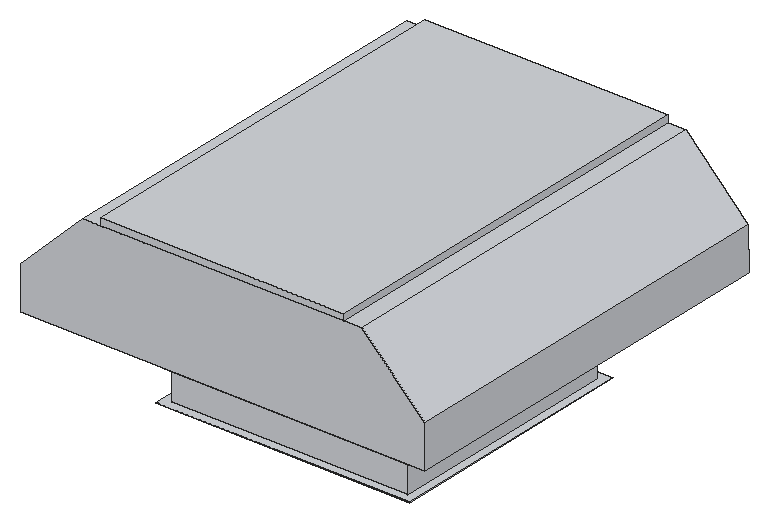
Revit family "HES", category Mechanical Equipment, Revit 2019
Family settings
  Round Connector Dimension = Use Diameter
  Part Type = Normal
  Work Plane-Based = No
  Always vertical = Yes
  Cut with Voids When Loaded = No
  Shared = No
  Room Calculation Point = No
Parameters (values of type "42-HES")
  Unit Weight [instance] = ""
  Sones [instance] = ""
  RO/2 = RO / 2  # 24.750"
  Motor RPM [instance] = ""
  Motor Enclosure [instance] = ""
  ModelID [instance] = ""
  LwA [instance] = ""
  W/2 = W / 2  # 45.000"
  L/2 = L / 2  # 45.000"
  RO = T_SQ - 4.500"  # 49.500"
  T_SQ/2 = T_SQ / 2  # 27.000"
  Fan RPM [instance] = ""
  T_SQ = 54.000"
  W = 90.000"
  L = 90.000"
  CURB_HEIGHT [instance] = 9.500"
  CURB [instance] = yes
  C/2 = C / 2  # 5.000"
  C = 10.000"
  Brake Hp [instance] = ""
  B/2 = B / 2  # 1.500"
  B-.125" = B - 0.125"  # 2.875"
  Accessories [instance] = ""
  A-C = A - C  # 28.000"
  B = 3.000"
  A/2 = A / 2  # 19.000"
  A-1.5" = A - 1.500"  # 36.500"
  A = 38.000"
  4" = 4.000"  # constant formula
  2' = 24.000"
  2" = 2.000"  # constant formula
  1" = 1.000"  # constant formula
  0 = 0.000"  # constant formula
  Voltage [instance] = 0 V
  URL = "www.lorencook.com"
  Type Comments = "Hooded Supply Ventilator Extruded Aluminum Propeller Roof Mounted/Belt Drive"  # constant formula
  Static Pressure [instance] = 0.00 in-wg
  Power [instance] = Voltage * Motor FLA * sqrt(if(Phase = 3, 3, 1))  # 0 VA
  Phase [instance] = 0
  Number of Poles [instance] = 1
  Motor Hp [instance] = "0"
  Motor FLA [instance] = 0 A
  Model = "HES"  # constant formula
  Manufacturer = "Loren Cook Company"
  CFM [instance] = 0 CFM
  1.5 = 1.500"  # constant formula
  ONE EIGTH = 0.125"  # constant formula
  -L/2 = -L / 2  # -45.000"
  -(C/2) = -(C / 2)  # -5.000"
  -(A/2) = -(A / 2)  # -19.000"
  (T_SQ/2)-2" = (T_SQ / 2) - 2.000"  # 25.000"
  (T_SQ/2)+.125" = (T_SQ / 2) + 0.125"  # 27.125"
  (A-C)/2 = (A - C) / 2  # 14.000"
Types (9): name | RO/2 | W/2 | L/2 | RO | T_SQ/2 | T_SQ | W | L | C/2 | C | A-C | A/2 | A-1.5" | A | -L/2 | -(C/2) | -(A/2) | (T_SQ/2)-2" | (T_SQ/2)+.125" | (A-C)/2
  (no name) | 24.750" | 45.000" | 45.000" | 49.500" | 27.000" | 54.000" | 90.000" | 90.000" | 5.000" | 10.000" | 28.000" | 19.000" | 36.500" | 38.000" | -45.000" | -5.000" | -19.000" | 25.000" | 27.125" | 14.000"
  24-HES | 15.750" | 29.500" | 29.500" | 31.500" | 18.000" | 36.000" | 59.000" | 59.000" | 5.000" | 10.000" | 18.750" | 14.375" | 27.250" | 28.750" | -29.500" | -5.000" | -14.375" | 16.000" | 18.125" | 9.375"
  30-HES | 18.750" | 34.500" | 34.500" | 37.500" | 21.000" | 42.000" | 69.000" | 69.000" | 5.000" | 10.000" | 20.500" | 15.250" | 29.000" | 30.500" | -34.500" | -5.000" | -15.250" | 19.000" | 21.125" | 10.250"
  36-HES | 21.750" | 40.000" | 40.000" | 43.500" | 24.000" | 48.000" | 80.000" | 80.000" | 5.000" | 10.000" | 23.000" | 16.500" | 31.500" | 33.000" | -40.000" | -5.000" | -16.500" | 22.000" | 24.125" | 11.500"
  42-HES | 24.750" | 45.000" | 45.000" | 49.500" | 27.000" | 54.000" | 90.000" | 90.000" | 5.000" | 10.000" | 28.000" | 19.000" | 36.500" | 38.000" | -45.000" | -5.000" | -19.000" | 25.000" | 27.125" | 14.000"
  48-HES | 27.750" | 45.000" | 55.000" | 55.500" | 30.000" | 60.000" | 90.000" | 110.000" | 6.750" | 13.500" | 28.000" | 20.750" | 40.000" | 41.500" | -55.000" | -6.750" | -20.750" | 28.000" | 30.125" | 14.000"
  54-HES | 30.750" | 54.500" | 55.500" | 61.500" | 33.000" | 66.000" | 109.000" | 111.000" | 7.375" | 14.750" | 29.750" | 22.250" | 43.000" | 44.500" | -55.500" | -7.375" | -22.250" | 31.000" | 33.125" | 14.875"
  60-HES | 33.750" | 59.500" | 60.500" | 67.500" | 36.000" | 72.000" | 119.000" | 121.000" | 7.375" | 14.750" | 29.750" | 22.250" | 43.000" | 44.500" | -60.500" | -7.375" | -22.250" | 34.000" | 36.125" | 14.875"
  72-HES | 39.750" | 59.500" | 73.000" | 79.500" | 42.000" | 84.000" | 119.000" | 146.000" | 8.875" | 17.750" | 24.250" | 21.000" | 40.500" | 42.000" | -73.000" | -8.875" | -21.000" | 40.000" | 42.125" | 12.125"
Reference planes (in)
  plane 1 "Center (Front/Back)": y = 0
  plane 2: z = 0
  plane 3 "Center (Left/Right)": x = 0.40541
Forms (in)
  Extrusion 1, solid
    sketch origin (0, 0, 0) x (1, 0, 0) y (0, 1, 0)
      loop
        line (-26.71959, 27.125) -> (-26.71959, -27.125) -> (27.53041, -27.125) -> (27.53041, 27.125) -> (-26.71959, 27.125)
    from 0 to 3 <- "B"
  Extrusion 2, void
    sketch origin (0, 0, 0) x (1, 0, 0) y (0, 1, 0)
      loop
        line (-26.59459, 27) -> (-26.59459, -27) -> (27.40541, -27) -> (27.40541, 27) -> (-26.59459, 27)
    from 0 to 2.875 <- "B-.125""
  Revolve 3, solid
    sketch origin (0, 0, 0) x (1, 0, 0) y (0, 0, 1)
      loop
        line (0.40541, 3) -> (25.40541, 3)
        arc (25.40541, 3) -> (20.40541, 8) -> (25.40541, 13) r 5
        line (25.40541, 13) -> (0.40541, 13) -> (0.40541, 3)
      axis (0.40541, 13) -> (0.40541, 3)
    angle from 0 to 360
  Extrusion 4, solid
    sketch origin (0, 0, 0) x (1, 0, 0) y (0, 0, 1)
      loop
        line (-44.59459, 13) -> (45.40541, 13) -> (45.40541, 36.5) -> (-44.59459, 36.5) -> (-44.59459, 13)
    from -45 <- "-L/2" to 45 <- "L/2"
  Extrusion 5, solid
    sketch origin (0, 0, 0) x (1, 0, 0) y (0, 0, 1)
      loop
        line (-26.59459, 36.5) -> (27.40541, 36.5) -> (27.40541, 38) -> (-26.59459, 38) -> (-26.59459, 36.5)
    from 45 <- "L/2" to -45 <- "-L/2"
  Extrusion 6, void
    sketch origin (0, 0, 0) x (1, 0, 0) y (0, 0, 1)
      loop
        line (31.40541, 36.5) -> (45.40541, 22.5) -> (45.40541, 36.5) -> (31.40541, 36.5)
      loop
        line (-30.59459, 36.5) -> (-44.59459, 36.5) -> (-44.59459, 22.5) -> (-30.59459, 36.5)
    from 45 <- "L/2" to -45 <- "-L/2"
  Extrusion 7, solid, visible <- "CURB"
    sketch origin (0, 0, 2.875) x (0, 1, 0) y (1, 0, 0)
      loop
        line (24.75, -24.34459) -> (24.75, 25.15541) -> (-24.75, 25.15541) -> (-24.75, -24.34459) -> (24.75, -24.34459)
      loop
        line (-26.25, 26.65541) -> (-26.25, -25.84459) -> (26.25, -25.84459) -> (26.25, 26.65541) -> (-26.25, 26.65541)
    from 0 to 9.5 <- "CURB_HEIGHT"
  Extrusion 8, solid, visible <- "CURB"
    sketch origin (0, 0, -6.625) x (-1, 0, 0) y (0, 1, 0)
      loop
        line (25.84459, -26.25) -> (25.84459, 26.25) -> (-26.65541, 26.25) -> (-26.65541, -26.25) -> (25.84459, -26.25)
      loop
        line (-28.65541, 28.25) -> (-28.65541, -28.25) -> (27.84459, -28.25) -> (27.84459, 28.25) -> (-28.65541, 28.25)
    from 0 to -0.125
Cuts and joins
  Extrusion 2 cuts Extrusion 1
  Extrusion 6 cuts Extrusion 4
  Extrusion 6 cuts Extrusion 5
Dimensions and locks (in)
  "(T_SQ/2)+.125"": Extrusion 1 sketch curve to plane 3 "Center (Left/Right)"
  "(T_SQ/2)+.125"": plane 3 "Center (Left/Right)" to Extrusion 1 sketch curve
  "(T_SQ/2)+.125"": plane 1 "Center (Front/Back)" to Extrusion 1 sketch curve
  "(T_SQ/2)+.125"": Extrusion 1 sketch curve to plane 1 "Center (Front/Back)"
  "T_SQ/2": Extrusion 2 sketch curve to plane 3 "Center (Left/Right)"
  "T_SQ/2": plane 3 "Center (Left/Right)" to Extrusion 2 sketch curve
  "T_SQ/2": plane 1 "Center (Front/Back)" to Extrusion 2 sketch curve
  "T_SQ/2": Extrusion 2 sketch curve to plane 1 "Center (Front/Back)"
  "C": Revolve 3 sketch curve to cut or joined group of Extrusion 1, Extrusion 2
  "(T_SQ/2)-2"": Revolve 3 sketch curve to plane 3 "Center (Left/Right)"
  "0": Revolve 3 sketch curve to plane 3 "Center (Left/Right)"  (x2)
  "0": Revolve 3 sketch curve to cut or joined group of Extrusion 1, Extrusion 2
  "A-1.5"": Extrusion 4 sketch curve to level
  "0": Extrusion 4 sketch curve to Revolve 3
  "W/2": Extrusion 4 sketch curve to plane 3 "Center (Left/Right)"  (x2)
  "0": Extrusion 5 sketch curve to Extrusion 4
  "1.5": Extrusion 5 sketch curve to Extrusion 5 sketch curve
  "T_SQ/2": Extrusion 5 sketch curve to plane 3 "Center (Left/Right)"
  "T_SQ/2": plane 3 "Center (Left/Right)" to Extrusion 5 sketch curve
  "0": Extrusion 6 sketch curve to Extrusion 4  (x3)
  "0": Extrusion 4 to Extrusion 6 sketch curve
  "(A-C)/2": Extrusion 6 sketch curve to Extrusion 6 sketch curve  (x4)
  "1.5": Extrusion 7 sketch curve to Extrusion 7 sketch curve  (x4)
  "RO/2": Extrusion 7 sketch curve to plane 3 "Center (Left/Right)"
  "RO/2": plane 3 "Center (Left/Right)" to Extrusion 7 sketch curve
  "RO/2": plane 1 "Center (Front/Back)" to Extrusion 7 sketch curve
  "RO/2": Extrusion 7 sketch curve to plane 1 "Center (Front/Back)"
  "2"": Extrusion 8 sketch curve to Extrusion 8 sketch curve  (x4)
  "0": Extrusion 8 sketch curve to Extrusion 7  (x3)
  "0": Extrusion 7 to Extrusion 8 sketch curve
Automatic sketch dimensions
  Revolve 3 sketch curve to level = 4.000"
  Revolve 3 sketch curve to Revolve 3 sketch curve = 0.000"
Connectors (in)
  hvac at (0.40541, 0, 2.875), driven by "RO", driven by "RO", driven by "CFM"
    settings: on cut or joined group of Extrusion 1, Extrusion 2, index 1, duct flow 0 CFM, flow factor 0, pres drop 0.00 in-wg, loss coef 0, conn angle 0.00°, conn width 49 1/2", conn height 49 1/2", conn diameter 24", duct sys type 1, conn prof type 1, flow config 0, flow direction 2, loss method 0, conn ref index -1, conn util no, is conn primary yes, conn desc ""
  electrical at (0.40541, 0, 2.875)
    settings: on cut or joined group of Extrusion 1, Extrusion 2, index 2, voltage 0 V, apparent load 0 VA, apparent load phase1 0 VA, apparent load phase2 0 VA, apparent load phase3 0 VA, power factor 1, load classification "Other", number of poles 1, system type 30, power factor state 1, is connector primary yes, connector utility no, sub classification motor no, connector description ""
